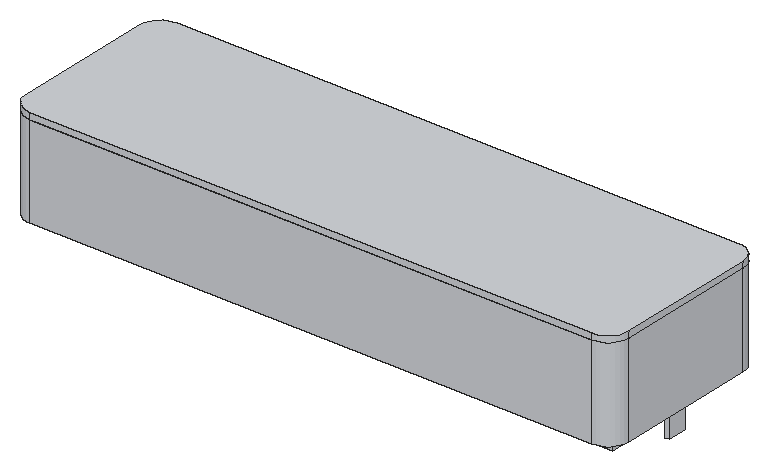
Revit family "Gira_289300", category Electrical Fixtures, host Face, Revit 2017
Family settings
  Host = Face
  Maintain Annotation Orientation = No
  Round Connector Dimension = Use Diameter
  Part Type = Normal
  Cut with Voids When Loaded = No
  Shared = No
  Room Calculation Point = No
Parameters (values of type "FM install.box 3-g Gira E22")
  URL = "http://katalog.gira.de/en/datenblatt.html?artikelnr=289300"
  Name = "FM install.box 3-g Gira E22"
  Manufacturer URL = "https://www.gira.de/"
  Manufacturer = "Gira"
  Keynote = ""
  HeinzeBIM = "https://bimportal.heinze.de/bim/fm-install-box-3-g-gira-e22/7c883265d358cf5b8be7786179ede91b1862c5ac"
  HAN = "289300"
  GTIN = "4010337049807"
  Description = "FM inst.box 3g E22,Gira E2, Gira E22 flush-mounted installation box,,3-gang,Features:,- Installation in brickwork by mounting the installation box, e.g. securing it with plaster. Installation of the device box in the flush-mounted installation box like in a common cavity box."
  Default Elevation = 1219.2 mm
  Data sheet (1) = "https://katalog.gira.de/en/download.html?artikelnr=289300"
  Category = "Spare part for domestic switching devices"
  BIM (1) = "https://media.stage.bim.site/public/gira/36a6b08/UP-EB-Dose_4fach.rfa"
  Available = "No"
Reference planes
  plane 1 "Center (Front/Back)": y = 0
  plane 2: z = 0
  plane 3 "Center (Left/Right)": x = 0
Forms (mm)
  Extrusion 1, solid, detail levels fine
    sketch origin (0, 0, 0) x (1, 0, 0) y (0, 1, 0)
      loop
        arc (-142, 46.25) -> (-149.248, 43.248) -> (-152.25, 36) r 10.25
        line (-152.25, 36) -> (-152.25, -36)
        arc (-152.25, -36) -> (-149.248, -43.248) -> (-142, -46.25) r 10.25
        line (-142, -46.25) -> (142, -46.25)
        arc (142, -46.25) -> (149.248, -43.248) -> (152.25, -36) r 10.25
        line (152.25, -36) -> (152.25, 36)
        arc (152.25, 36) -> (149.248, 43.248) -> (142, 46.25) r 10.25
        line (142, 46.25) -> (-142, 46.25)
    from 47 to 50
  Extrusion 2, solid, detail levels fine
    sketch origin (0, 0, 0) x (1, 0, 0) y (0, 1, 0)
      loop
        arc (-142, 46.25) -> (-149.248, 43.248) -> (-152.25, 36) r 10.25
        line (-152.25, 36) -> (-152.25, -36)
        arc (-152.25, -36) -> (-149.248, -43.248) -> (-142, -46.25) r 10.25
        line (-142, -46.25) -> (142, -46.25)
        arc (142, -46.25) -> (149.248, -43.248) -> (152.25, -36) r 10.25
        line (152.25, -36) -> (152.25, 36)
        arc (152.25, 36) -> (149.248, 43.248) -> (142, 46.25) r 10.25
        line (142, 46.25) -> (-142, 46.25)
      loop
        arc (-150.75, -36) -> (-149.959, -39.636) -> (-147.727, -42.615) r 8.75
        line (-147.727, -42.615) -> (147.727, -42.615)
        arc (147.727, -42.615) -> (149.959, -39.636) -> (150.75, -36) r 8.75
        line (150.75, -36) -> (150.75, 36)
        arc (150.75, 36) -> (149.959, 39.636) -> (147.727, 42.615) r 8.75
        line (147.727, 42.615) -> (-147.727, 42.615)
        arc (-147.727, 42.615) -> (-149.959, 39.636) -> (-150.75, 36) r 8.75
        line (-150.75, 36) -> (-150.75, -36)
    from 0 to 47
  Extrusion 3, solid, detail levels fine
    sketch origin (0, 0, 0) x (1, 0, 0) y (0, 1, 0)
      loop
        line (-147, -39.766) -> (147, -39.766) -> (147, 39.75) -> (-147, 39.75) -> (-147, -39.766)
      loop
        line (144.5, -37.75) -> (144.5, 37.75) -> (-144.5, 37.75) -> (-144.5, -37.75) -> (144.5, -37.75)
    from -4.1 to 0
  Extrusion 4, solid, detail levels fine
    sketch origin (0, 0, 0) x (1, 0, 0) y (0, 1, 0)
      loop
        line (147, 39.75) -> (-147, 39.75) -> (-147, -39.766) -> (147, -39.766) -> (147, 39.75)
      loop
        arc (147.727, -42.615) -> (149.959, -39.636) -> (150.75, -36) r 8.75
        line (150.75, -36) -> (150.75, 36)
        arc (150.75, 36) -> (149.959, 39.636) -> (147.727, 42.615) r 8.75
        line (147.727, 42.615) -> (-147.727, 42.615)
        arc (-147.727, 42.615) -> (-149.959, 39.636) -> (-150.75, 36) r 8.75
        line (-150.75, 36) -> (-150.75, -36)
        arc (-150.75, -36) -> (-149.959, -39.636) -> (-147.727, -42.615) r 8.75
        line (-147.727, -42.615) -> (147.727, -42.615)
    from 0 to 2
  Extrusion 5, solid, detail levels medium+fine
    sketch origin (0, 0, 0) x (1, 0, 0) y (0, 1, 0)
      loop
        line (145.5, -4.939) -> (148, -4.939) -> (148, 4.939) -> (145.5, 4.939) -> (145.5, -4.939)
      loop
        line (-145.5, -4.939) -> (-145.5, 4.939) -> (-148, 4.939) -> (-148, -4.939) -> (-145.5, -4.939)
    from -14.039 to 0
  Extrusion 6, solid, detail levels medium
    sketch origin (0, 0, 0) x (1, 0, 0) y (0, 1, 0)
      loop
        line (-152.25, 46.25) -> (-152.25, -46.25) -> (152.25, -46.25) -> (152.25, 46.25) -> (-152.25, 46.25)
    from 0 to 50
  Extrusion 7, solid, detail levels medium
    sketch origin (0, 0, 0) x (1, 0, 0) y (0, 1, 0)
      loop
        line (-147, -39.766) -> (147, -39.766) -> (147, 39.75) -> (-147, 39.75) -> (-147, -39.766)
    from -4.1 to 0
  Extrusion 8, solid, detail levels coarse
    sketch origin (0, 0, 0) x (1, 0, 0) y (0, 1, 0)
      loop
        line (-152.25, 46.25) -> (-152.25, -46.25) -> (152.25, -46.25) -> (152.25, 46.25) -> (-152.25, 46.25)
    from -14.039 to 50
Dimensions and locks
  aligned and locked: plane 2 to host face
  aligned and locked: level to host face
